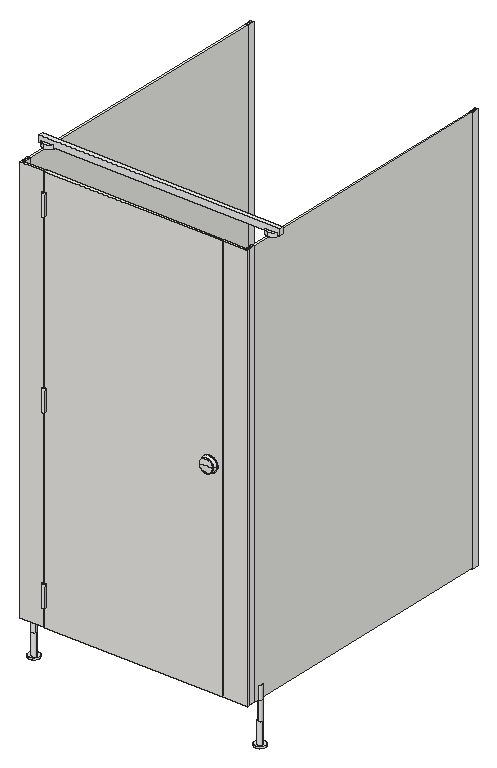
Revit family "Alsanit - Kabiny sanitarne LIFT - HPL", category Doors, Revit 2020
Family settings
  Work Plane-Based = No
  Always vertical = Yes
  Cut with Voids When Loaded = No
  Shared = No
  Room Calculation Point = No
Parameters (values of type "10 mm")
  Średnica podpory górnej = 57.00 mm  # constant formula
  Width = 0.00 mm  # constant formula
  Type Comments = "Kabiny sanitarne (ścianki giszetowe do WC)"
  Thickness = Grubość ścianki  # 10.00 mm
  Szerokość drzwi (max. 1000 mm) [instance] = 800.00 mm
  Stopka nóżki = 50.00 mm  # constant formula
  Rough Width = 0.00 mm  # constant formula
  Rough Height = 0.00 mm  # constant formula
  Prawe odsunięcie [instance] = if(Prawa strona przy ścianie, 0.00 mm, if(Prawa strona połączona, 0.00 mm, 29.00 mm))  # 29.00 mm
  Prawa podpora belki widoczność [instance] = not(Prawa strona przy ścianie)  # yes
  Podcięcie na geberit - prawe [instance] = no
  Podcięcie na geberit - prawa wartość [instance] = if([Podcięcie na geberit - prawe], Szerokość wewnętrzna modułu / 2 + 50.00 mm, 5.00 mm)  # 5.00 mm
  Podcięcie na geberit - odsunięcie poziome wartość [instance] = if([Podcięcie na geberit - odsunięcie poziome] = 0.00 mm, 5.00 mm, [Podcięcie na geberit - odsunięcie poziome])  # 5.00 mm
  Podcięcie na geberit - odsunięcie poziome [instance] = 0.00 mm
  Podcięcie na geberit - odsunięcie pionowe wartość [instance] = if([Podcięcie na geberit - odsunięcie pionowe] = 0.00 mm, 5.00 mm, [Podcięcie na geberit - odsunięcie pionowe])  # 5.00 mm
  Podcięcie na geberit - odsunięcie pionowe [instance] = 0.00 mm
  Podcięcie na geberit - lewe [instance] = no
  Podcięcie na geberit - lewa wartość [instance] = if([Podcięcie na geberit - lewe], Szerokość wewnętrzna modułu / 2 + 50.00 mm, 5.00 mm)  # 5.00 mm
  Nóżka prawa widoczność [instance] = not(Prawa strona przy ścianie)  # yes
  Nóżka lewa widoczność [instance] = Lewa strona zamknięta  # yes
  Lewe odsunięcie [instance] = if(Lewa strona przy ścianie, 0.00 mm, if(Lewa strona połączona, 0.00 mm, 29.00 mm))  # 29.00 mm
  Lewa podpora belki widoczność [instance] = and(not(Lewa strona przy ścianie), not(Lewa strona połączona))  # yes
  Krótki opis = "Kabiny sanitarne ALSANIT posiadające oznaczenie CE zgodnie z parametrami systemu"
  Height = 0.00 mm  # constant formula
  Function = Interior
  Film Instruktażowy = "https://youtu.be/qyrI1CfgFO4"
  Define Thermal Properties by = Schematic Type
  Construction Type = "Kabiny sanitarne"
  Belka lift widoczność [instance] = if(and((Lewa strona przy ścianie), (Prawa strona przy ścianie)), 1 = 0, 1 = 1)  # yes
  Analytic Construction = "<None>"
  Akcesoria - wzmocnienie pionowe prawe [instance] = [Odsunięcie prawej ścianki od osi (min. 70 mm)] > 399.00 mm  # no
  Akcesoria - wzmocnienie pionowe lewe [instance] = (Szerokość wewnętrzna modułu - [Szerokość drzwi (max. 1000 mm)] - [Odsunięcie prawej ścianki od osi (min. 70 mm)]) > 400.00 mm  # no
  Wysokość ścianki łączącej [instance] = Wysokość modułu  # 2030.00 mm
  Szerokość zewnętrzna modułu [instance] = 1026.00 mm
  Szerokość wewnętrzna modułu [instance] = 1000.00 mm
  Szerokość obliczona [instance] = if(and(Lewa strona przy ścianie, Prawa strona przy ścianie), Szerokość wewnętrzna modułu - 2 * (Grubość ścianki + 7.00 mm), if(or(Lewa strona przy ścianie, Prawa strona przy ścianie), Szerokość wewnętrzna modułu - Grubość ścianki - 7.00 mm, Szerokość wewnętrzna modułu))  # 1000.00 mm
  Odsunięcie ścianki lewej [instance] = 0.00 mm  # constant formula
  Wysokość modułu [instance] = 2030.00 mm  # constant formula
  URL = "https://www.alsanit.pl/"
  Rodzaj płyt = "HPL - Wysokociśnieniowy laminat kompaktowy"
  Prawe odsunięcie belki dolnej [instance] = if(Prawa strona przy ścianie, 30.00 mm, 0.00 mm)  # 0.00 mm
  Prawa strona niepołączona [instance] = not(Prawa strona połączona)  # yes
  Model = "SOLARI"
  Manufacturer = "Alsanit"
  Lewe odsunięcie belki dolnej [instance] = if(Lewa strona przy ścianie, 30.00 mm, 0.00 mm)  # 0.00 mm
  Lewa strona niepołączona [instance] = not(Lewa strona połączona)  # yes
  Głębokość modułu (max. 1500 mm) [instance] = 1290.00 mm
  Głębokość modułu [instance] = if([Głębokość modułu (max. 1500 mm)] > 1500.00 mm, 1500.00 mm, [Głębokość modułu (max. 1500 mm)])  # 1290.00 mm
  Description = "Kabiny sanitarne SOLARI to idealna kombinacja trwałości i estetyki w najnowszej cenie. Ze względu na estetyczność zastosowań jest najchętniej kupowanym systemem kabin sanitarnych w Polsce."
  Autor = "www.archispace.pl"
  Orientacja - na zewnątrz [instance] = not([Orientacja - do wewnątrz])  # yes
  Orientacja - do wewnątrz [instance] = no
  Ścianka łącząca [instance] = not(Prawa strona przy ścianie)  # yes
  Szerokość drzwi [instance] = if([Szerokość drzwi (max. 1000 mm)] > 1000.00 mm, 1000.00 mm, [Szerokość drzwi (max. 1000 mm)])  # 800.00 mm
  Prawe odsunięcie osi [instance] = if(Prawa strona zamknięta, Grubość ścianki / 2 + 3.00 mm, if(Prawa strona przy ścianie, Grubość ścianki / 2 + 7.00 mm, 0.00 mm))  # 8.00 mm
  Prawa strona zamknięta typ = Rodzaj połączenia : Zamknięta
  Prawa strona zamknięta [instance] = [Połączenie - prawa strona] = Prawa strona zamknięta typ  # yes
  Prawa strona przy ścianie typ = Rodzaj połączenia : Przy ścianie
  Prawa strona przy ścianie [instance] = [Połączenie - prawa strona] = Prawa strona przy ścianie typ  # no
  Prawa strona połączona typ = Rodzaj połączenia : Połączona
  Prawa strona połączona [instance] = [Połączenie - prawa strona] = Prawa strona połączona typ  # no
  Prawe odsunięcie osi panelu [instance] = if(Prawa strona przy ścianie, 10.00 mm, 0.00 mm)  # 0.00 mm
  Odsunięcie prawej ścianki od osi (min. 70 mm) [instance] = 102.00 mm
  Połączenie - prawa strona [instance] = Rodzaj połączenia : Zamknięta
  Orientacja - odbij lustrzanie [instance] = no
  Materiał płyt = Alsanit - HPL - Biały 9016
  Materiał okuć = Alsanit - Aluminium
  Materiał wsporników = Alsanit - Aluminium
  Materiał belek = Alsanit - Aluminium
  Lewe odsunięcie osi panelu [instance] = if(Lewa strona przy ścianie, 10.00 mm, 0.00 mm)  # 0.00 mm
  Lewe odsunięcie osi [instance] = if(Lewa strona zamknięta, Grubość ścianki / 2 + 3.00 mm, if(Lewa strona przy ścianie, Grubość ścianki / 2 + 7.00 mm, 0.00 mm))  # 8.00 mm
  Lewa strona zamknięta typ = Rodzaj połączenia : Zamknięta
  Lewa strona zamknięta [instance] = [Połączenie - lewa strona] = Lewa strona zamknięta typ  # yes
  Lewa strona przy ścianie typ = Rodzaj połączenia : Przy ścianie
  Lewa strona przy ścianie [instance] = [Połączenie - lewa strona] = Lewa strona przy ścianie typ  # no
  Lewa strona połączona typ = Rodzaj połączenia : Połączona
  Lewa strona połączona [instance] = [Połączenie - lewa strona] = Lewa strona połączona typ  # no
  Odsunięcie lewej ścianki od osi (min. 70 mm) [instance] = 102.00 mm
  Połączenie - lewa strona [instance] = Rodzaj połączenia : Zamknięta
  Grubość ścianki = 10.00 mm
  Default Elevation = 0.00 mm
  Orientacja - bez odbicia [instance] = not([Orientacja - odbij lustrzanie])  # yes
Reference planes
  plane 1 "Center (Front/Back)": y = 0
  plane 2: z = 0
  plane 3 "Center (Left/Right)": x = 0
  plane 4: x = -500
  plane 5: x = 500
  plane 6: x = 505
  plane 7: x = 510
  plane 8: x = -505
  plane 9: x = -510
  plane 10: y = -1290
  plane 11: y = -1300
  plane 12: y = -10
  plane 13: y = -1284
  plane 14: y = -1295
  plane 15 "Lewa oś wstawienia": x = -513
  plane 16 "Prawa oś wstawienia": x = 513
  plane 17: y = -1224.5
  plane 18: x = 403
  plane 19: x = 400
  plane 20: x = -400
  plane 21: x = -403
  plane 22 "Prawe odsunięcie osi panelu": x = 513
  plane 23 "Lewe odsunięcie osi panelu": x = -513
  plane 24: x = 0
  plane 25: x = -423.5
  plane 26: x = 423.5
  plane 27: z = 188
  plane 28 "Wysokość modułu": z = 2030
  plane 29 "Odsunięcie górne ścianek frontowych": z = 2030
  plane 30: y = -1288.5
  plane 31: x = -513
  plane 32: x = 513
  plane 33: z = 100
  plane 34: z = 243.5
  plane 35: z = 2030
  plane 36: z = 188
  plane 37: x = -513
  plane 38: x = 513
  plane 39: z = 188
  plane 40: z = 2030
  plane 41: z = 2030
  plane 42: z = 2030
  plane 43: z = 2030
  plane 44: z = 2030
  plane 45: z = 2030
  plane 46: x = 593
  plane 47: x = -593
  plane 48: z = 2030
  plane 49: z = 2030
  plane 50: z = 2000
  plane 51: z = 2030
  plane 52: x = -5
  plane 53: x = 5
  plane 54: z = 5
  plane 55: y = -5
  plane 56: z = 5
  plane 57: y = -5
  plane 58: z = 5
  plane 59: y = -1145
  plane 60: z = 2045
  plane 61: x = -542
  plane 62: x = 542
Forms (mm)
  Sweep 1, solid, material "Alsanit - HPL - Biały 9016" <- "Materiał płyt", visible <- "Ścianka łącząca"
    path origin (0, 0, 0) x (1, 0, 0) y (0, 0, 1)
      loop
        line (505, 188) -> (505, 2030)
    profile origin (505, 0, 1109) x (-1, 0, 0) y (0, -1, 0)
      loop
        line (5, 10) -> (5, 1284) -> (-5, 1284) -> (-5, 10) -> (5, 10)
  Sweep 2, solid, material "Alsanit - HPL - Biały 9016" <- "Materiał płyt", visible <- "Lewa strona zamknięta"
    path origin (0, 0, 0) x (-1, 0, 0) y (0, 0, 1)
      loop
        line (505, 188) -> (505, 2030)
    profile origin (-505, 0, 1109) x (-1, 0, 0) y (0, -1, 0)
      loop
        line (-5, 10) -> (5, 10) -> (5, 1284) -> (-5, 1284) -> (-5, 10)
  Sweep 3, solid, material "Alsanit - Aluminium" <- "Materiał belek", visible <- "Ścianka łącząca", detail levels medium+fine
    path origin (0, 0, 0) x (1, 0, 0) y (0, 0, 1)
      loop
        line (505, 2030) -> (505, 188)
    profile "U-profile : U-profile" origin (505, 0, 1109) x (1, 0, 0) y (0, -1, 0)
      loop
        line (6.5, 0) -> (6.5, 30) -> (5, 30) -> (5, 1.5) -> (-5, 1.5) -> (-5, 30) -> (-6.5, 30) -> (-6.5, 0) -> (6.5, 0)
  Sweep 4, solid, material "Alsanit - Aluminium" <- "Materiał belek", visible <- "Lewa strona zamknięta", detail levels medium+fine
    path origin (0, 0, 0) x (-1, 0, 0) y (0, 0, 1)
      loop
        line (505, 2030) -> (505, 188)
    profile "U-profile : U-profile" origin (-505, 0, 1109) x (1, 0, 0) y (0, -1, 0)
      loop
        line (6.5, 0) -> (6.5, 30) -> (5, 30) -> (5, 1.5) -> (-5, 1.5) -> (-5, 30) -> (-6.5, 30) -> (-6.5, 0) -> (6.5, 0)
  Sweep 5, solid, material "Alsanit - Aluminium" <- "Materiał belek", visible <- "Lewa strona zamknięta", detail levels medium+fine
    path origin (673.537, -1290, 1200) x (1, 0, 0) y (0, 0, 1)
      loop
        line (-1178.537, 830) -> (-1178.537, -1012)
    profile "U-profile : U-profile" origin (-505, -1290, 1109) x (1, 0, 0) y (0, -1, 0)
      loop
        line (-6.5, 0) -> (-6.5, -30) -> (-5, -30) -> (-5, -1.5) -> (5, -1.5) -> (5, -30) -> (6.5, -30) -> (6.5, 0) -> (-6.5, 0)
  Sweep 6, solid, material "Alsanit - Aluminium" <- "Materiał belek", visible <- "Ścianka łącząca", detail levels medium+fine
    path origin (673.537, -1290, 1200) x (1, 0, 0) y (0, 0, 1)
      loop
        line (-168.537, 830) -> (-168.537, -1012)
    profile "U-profile : U-profile" origin (505, -1290, 1109) x (1, 0, 0) y (0, -1, 0)
      loop
        line (-6.5, 0) -> (-6.5, -30) -> (-5, -30) -> (-5, -1.5) -> (5, -1.5) -> (5, -30) -> (6.5, -30) -> (6.5, 0) -> (-6.5, 0)
  Extrusion 7, solid, material "Alsanit - HPL - Biały 9016" <- "Materiał płyt", detail levels medium+fine
    sketch origin (0, 0, 0) x (1, 0, 0) y (0, 1, 0)
      loop
        line (-513, -1290) -> (-513, -1300) -> (-403, -1300) -> (-403, -1290) -> (-513, -1290)
    from 188 to 2030
  Extrusion 8, solid, material "Alsanit - HPL - Biały 9016" <- "Materiał płyt", detail levels medium+fine
    sketch origin (0, 0, 0) x (-1, 0, 0) y (0, -1, 0)
      loop
        line (-513, 1290) -> (-403, 1290) -> (-403, 1300) -> (-513, 1300) -> (-513, 1290)
    from 188 to 2030
  Sweep 9, solid, material "Alsanit - Aluminium" <- "Materiał belek", visible <- "Lewa strona przy ścianie", detail levels medium+fine
    path origin (-771.956, -1295, 1200) x (-1, 0, 0) y (0, 0, 1)
      loop
        line (-258.956, -1012) -> (-258.956, 830)
    profile "U-profile : U-profile" origin (-513, -1295, 1109) x (1, 0, 0) y (0, 1, 0)
      loop
        line (0, -6.5) -> (30, -6.5) -> (30, -5) -> (1.5, -5) -> (1.5, 5) -> (30, 5) -> (30, 6.5) -> (0, 6.5) -> (0, -6.5)
  Sweep 10, solid, material "Alsanit - Aluminium" <- "Materiał belek", visible <- "Prawa strona przy ścianie", detail levels medium+fine
    path origin (771.956, -1295, 1200) x (1, 0, 0) y (0, 0, -1)
      loop
        line (-258.956, 1012) -> (-258.956, -830)
    profile "U-profile : U-profile" origin (513, -1295, 1109) x (1, 0, 0) y (0, 1, 0)
      loop
        line (0, 6.5) -> (-30, 6.5) -> (-30, 5) -> (-1.5, 5) -> (-1.5, -5) -> (-30, -5) -> (-30, -6.5) -> (0, -6.5) -> (0, 6.5)
  Extrusion 11, solid, material "Alsanit - HPL - Biały 9016" <- "Materiał płyt", detail levels coarse
    sketch origin (0, 0, 0) x (1, 0, 0) y (0, 1, 0)
      loop
        line (-513, -1290) -> (-513, -1300) -> (513, -1300) -> (513, -1290) -> (-513, -1290)
    from 188 to 2030
  Sweep 12, solid, material "Alsanit - Aluminium" <- "Materiał wsporników", visible <- "Nóżka prawa widoczność"
    path origin (516, -1224.5, 1200) x (1, 0, 0) y (0, 0, 1)
      loop
        line (-516, -1200) -> (-516, -1100)
    profile origin (0, -1224.5, 50) x (-1, 0, 0) y (0, -1, 0)
      loop
        circle (-510, 0) r 11
  Sweep 13, solid, material "Alsanit - Aluminium" <- "Materiał wsporników", visible <- "Nóżka lewa widoczność"
    path origin (362, -1224.5, 1200) x (1, 0, 0) y (0, 0, 1)
      loop
        line (-314, -1200) -> (-314, -1100)
    profile origin (48, -1224.5, 50) x (-1, 0, 0) y (0, -1, 0)
      loop
        circle (558, 0) r 11
  Sweep 14, solid, material "Alsanit - Aluminium" <- "Materiał wsporników", visible <- "Nóżka prawa widoczność"
    path origin (516, -1224.5, 1200) x (1, 0, 0) y (0, 0, 1)
      loop
        line (-516, -956.5) -> (-516, -1012)
    profile origin (0, -1224.5, 215.75) x (0, -1, 0) y (1, 0, 0)
      loop
        line (-10, 510) -> (10, 510)
        arc (10, 510) -> (0, 520) -> (-10, 510) r 10
  Sweep 15, solid, material "Alsanit - Aluminium" <- "Materiał wsporników", visible <- "Nóżka lewa widoczność"
    path origin (362, -1224.5, 1200) x (1, 0, 0) y (0, 0, 1)
      loop
        line (-314, -1012) -> (-314, -956.5)
    profile origin (48, -1224.5, 215.75) x (-1, 0, 0) y (0, -1, 0)
      loop
        line (558, 10) -> (558, -10)
        arc (558, -10) -> (568, 0) -> (558, 10) r 10
  Sweep 16, solid, material "Alsanit - Aluminium" <- "Materiał wsporników", visible <- "Nóżka prawa widoczność"
    path origin (516, -1224.5, 1200) x (1, 0, 0) y (0, 0, 1)
      loop
        line (-516, -1012) -> (-516, -1100)
    profile origin (0, -1224.5, 144) x (0, -1, 0) y (1, 0, 0)
      loop
        circle (0, 510) r 10
  Sweep 17, solid, material "Alsanit - Aluminium" <- "Materiał wsporników", visible <- "Nóżka lewa widoczność"
    path origin (362, -1224.5, 1200) x (1, 0, 0) y (0, 0, 1)
      loop
        line (-314, -1100) -> (-314, -1012)
    profile origin (48, -1224.5, 144) x (-1, 0, 0) y (0, -1, 0)
      loop
        circle (558, 0) r 10
  Sweep 18, solid, material "Alsanit - HPL - Biały 9016" <- "Materiał płyt", visible <- "Akcesoria - wzmocnienie pionowe prawe", detail levels medium+fine
    path origin (-771.956, -1295, 1200) x (-1, 0, 0) y (0, 0, 1)
      loop
        line (-1364.956, -1012) -> (-1364.956, 830)
    profile origin (593, -1295, 1109) x (1, 0, 0) y (0, 1, 0)
      loop
        line (-5, 11) -> (5, 11) -> (5, 106) -> (-5, 106) -> (-5, 11)
  Sweep 19, solid, material "Alsanit - Aluminium" <- "Materiał belek", visible <- "Akcesoria - wzmocnienie pionowe prawe", detail levels medium+fine
    path origin (673.537, -1290, 1200) x (1, 0, 0) y (0, 0, 1)
      loop
        line (-80.537, -1012) -> (-80.537, 830)
    profile "U-profile : U-profile" origin (593, -1290, 1109) x (-1, 0, 0) y (0, -1, 0)
      loop
        line (-6.5, 0) -> (-6.5, -30) -> (-5, -30) -> (-5, -1.5) -> (5, -1.5) -> (5, -30) -> (6.5, -30) -> (6.5, 0) -> (-6.5, 0)
  Sweep 20, solid, material "Alsanit - HPL - Biały 9016" <- "Materiał płyt", visible <- "Akcesoria - wzmocnienie pionowe lewe", detail levels medium+fine
    path origin (1162.956, -1295, 1200) x (1, 0, 0) y (0, 0, -1)
      loop
        line (-1755.956, 1012) -> (-1755.956, -830)
    profile origin (-593, -1295, 1109) x (1, 0, 0) y (0, 1, 0)
      loop
        line (5, 11) -> (5, 106) -> (-5, 106) -> (-5, 11) -> (5, 11)
  Sweep 21, solid, material "Alsanit - Aluminium" <- "Materiał belek", visible <- "Akcesoria - wzmocnienie pionowe lewe", detail levels medium+fine
    path origin (673.537, -1290, 1200) x (1, 0, 0) y (0, 0, 1)
      loop
        line (-1266.537, -1012) -> (-1266.537, 830)
    profile "U-profile : U-profile" origin (-593, -1290, 1109) x (-1, 0, 0) y (0, -1, 0)
      loop
        line (6.5, 0) -> (-6.5, 0) -> (-6.5, -30) -> (-5, -30) -> (-5, -1.5) -> (5, -1.5) -> (5, -30) -> (6.5, -30) -> (6.5, 0)
  Sweep 22, solid, material "Alsanit - Aluminium" <- "Materiał belek", not visible
    path origin (0, -160, 0) x (1, 0, 0) y (0, 1, 0)
      loop
        line (-513, -1135) -> (513, -1135)
    profile origin (0, -1295, 0) x (0, 1, 0) y (0, 0, 1)
      loop
        line (-5, 2000) -> (-5, 2010.006) -> (5, 2010.006) -> (5, 2000) -> (14.963, 2000)
        arc (14.963, 2000) -> (16.154, 2000.393) -> (16.876, 2001.416) r 2
        arc (16.876, 2001.416) -> (19.052, 2016.003) -> (16.878, 2030.59) r 50
        arc (16.878, 2030.59) -> (16.156, 2031.614) -> (14.965, 2032.006) r 2
        line (14.965, 2032.006) -> (14.002, 2032.006) -> (14.002, 2030.606) -> (15.303, 2030.606)
        arc (15.303, 2030.606) -> (17.251, 2021.408) -> (17.387, 2012.006) r 48.5
        line (17.387, 2012.006) -> (-14.028, 2012.006) -> (-14.028, 2032.006) -> (-31.863, 2032.006)
        arc (-31.863, 2032.006) -> (-33.054, 2031.614) -> (-33.776, 2030.589) r 2
        arc (-33.776, 2030.589) -> (-35.948, 2016.003) -> (-33.774, 2001.417) r 50.057
        arc (-33.774, 2001.417) -> (-33.052, 2000.393) -> (-31.861, 2000) r 2
        line (-31.861, 2000) -> (-5, 2000)
  Sweep 23, solid, material "Alsanit - Aluminium" <- "Materiał wsporników", visible <- "Akcesoria - wzmocnienie pionowe lewe", detail levels medium+fine
    path origin (281, -1224.5, 1200) x (1, 0, 0) y (0, 0, 1)
      loop
        line (-312, -1200) -> (-312, -1100)
    profile origin (-31, -1224.5, 50) x (-1, 0, 0) y (0, -1, 0)
      loop
        circle (562, 0) r 11
  Sweep 24, solid, material "Alsanit - Aluminium" <- "Materiał wsporników", visible <- "Akcesoria - wzmocnienie pionowe lewe", detail levels medium+fine
    path origin (281, -1224.5, 1200) x (1, 0, 0) y (0, 0, 1)
      loop
        line (-312, -1100) -> (-312, -1012)
    profile origin (-31, -1224.5, 144) x (-1, 0, 0) y (0, -1, 0)
      loop
        circle (562, 0) r 10
  Sweep 25, solid, material "Alsanit - Aluminium" <- "Materiał wsporników", visible <- "Akcesoria - wzmocnienie pionowe prawe", detail levels medium+fine
    path origin (601, -1224.5, 1200) x (1, 0, 0) y (0, 0, 1)
      loop
        line (-518, -1200) -> (-518, -1100)
    profile origin (83, -1224.5, 50) x (-1, 0, 0) y (0, -1, 0)
      loop
        circle (-510, 0) r 11
  Sweep 26, solid, material "Alsanit - Aluminium" <- "Materiał wsporników", visible <- "Akcesoria - wzmocnienie pionowe prawe", detail levels medium+fine
    path origin (601, -1224.5, 1200) x (1, 0, 0) y (0, 0, 1)
      loop
        line (-518, -1012) -> (-518, -1100)
    profile origin (83, -1224.5, 144) x (0, -1, 0) y (1, 0, 0)
      loop
        circle (0, 510) r 10
  Sweep 27, void
    path origin (0, 0, 0) x (1, 0, 0) y (0, 1, 0)
      loop
        line (0, 0) -> (-5, 0)
    profile origin (-2.5, 0, 0) x (0, -1, 0) y (0, 0, 1)
      loop
        line (0, 5) -> (0, 0) -> (5, 0) -> (5, 5) -> (0, 5)
  Sweep 28, void
    path origin (5, 0, 0) x (1, 0, 0) y (0, 1, 0)
      loop
        line (0, 0) -> (-5, 0)
    profile origin (2.5, 0, 0) x (0, -1, 0) y (0, 0, 1)
      loop
        line (0, 5) -> (0, 0) -> (5, 0) -> (5, 5) -> (0, 5)
  Sweep 29, solid, material "Alsanit - Aluminium" <- "Materiał wsporników", visible <- "Akcesoria - wzmocnienie pionowe lewe"
    path origin (-771.956, -1295, 1200) x (-1, 0, 0) y (0, 0, 1)
      loop
        line (-178.956, -1200) -> (-178.956, -1195)
    profile origin (-593, -1295, 2.5) x (1, 0, 0) y (0, 1, 0)
      loop
        circle (0, 70.5) r 25
  Sweep 30, solid, material "Alsanit - Aluminium" <- "Materiał wsporników", visible <- "Nóżka lewa widoczność"
    path origin (-771.956, -1295, 1200) x (-1, 0, 0) y (0, 0, 1)
      loop
        line (-261.956, -1200) -> (-261.956, -1195)
    profile origin (-510, -1295, 2.5) x (1, 0, 0) y (0, 1, 0)
      loop
        circle (0, 70.5) r 25
  Sweep 31, solid, material "Alsanit - Aluminium" <- "Materiał wsporników", visible <- "Nóżka prawa widoczność"
    path origin (-771.956, -1295, 1200) x (-1, 0, 0) y (0, 0, 1)
      loop
        line (-1281.956, -1200) -> (-1281.956, -1195)
    profile origin (510, -1295, 2.5) x (1, 0, 0) y (0, 1, 0)
      loop
        circle (0, 70.5) r 25
  Sweep 32, solid, material "Alsanit - Aluminium" <- "Materiał wsporników", visible <- "Akcesoria - wzmocnienie pionowe prawe"
    path origin (-771.956, -1295, 1200) x (-1, 0, 0) y (0, 0, 1)
      loop
        line (-1364.956, -1200) -> (-1364.956, -1195)
    profile origin (593, -1295, 2.5) x (1, 0, 0) y (0, 1, 0)
      loop
        circle (0, 70.5) r 25
  Sweep 33, solid, material "Alsanit - Aluminium" <- "Materiał okuć", visible <- "Lewa podpora belki widoczność", detail levels medium+fine
    path origin (-423.5, -1117.282, 1200) x (0, 1, 0) y (0, 0, 1)
      loop
        line (-27.718, 830) -> (-27.718, 845)
    profile origin (-423.5, -1145, 2037.5) x (0, -1, 0) y (1, 0, 0)
      loop
        circle (0, -81.5) r 28.5
  Sweep 34, solid, material "Alsanit - Aluminium" <- "Materiał okuć", visible <- "Prawa podpora belki widoczność", detail levels medium+fine
    path origin (-423.5, -1117.282, 1200) x (0, 1, 0) y (0, 0, 1)
      loop
        line (-27.718, 830) -> (-27.718, 845)
    profile origin (-423.5, -1145, 2037.5) x (0, -1, 0) y (1, 0, 0)
      loop
        circle (0, 928.5) r 28.5
  Sweep 35, solid, material "Alsanit - Aluminium" <- "Materiał belek", visible <- "Belka lift widoczność", detail levels medium+fine
    path origin (0, 0, 0) x (1, 0, 0) y (0, 1, 0)
      loop
        line (-542, -1145) -> (542, -1145)
    profile origin (0, -1145, 0) x (0, 1, 0) y (0, 0, 1)
      loop
        line (-9.999, 2035) -> (9.999, 2035) -> (9.999, 2065) -> (-9.999, 2065) -> (-9.999, 2035)
Cuts and joins
  joined: Sweep 14, Sweep 16
  joined: Sweep 15, Sweep 17
  Sweep 27 cuts Sweep 4
  Sweep 27 cuts Sweep 2
  Sweep 28 cuts Sweep 1
  Sweep 28 cuts Sweep 3
Lines and regions (mm)
  model lines, style "Doors", detail levels medium+fine
    curve 1: line (403, -1300, 2030) -> (403, -1300, 188)
    curve 3: line (513, -1300, 2030) -> (403, -1300, 2030)
    curve 6: line (-403, -1300, 188) -> (-403, -1300, 2030)
    curve 7: line (-403, -1300, 2030) -> (-513, -1300, 2030)
    curve 10: line (-403, -1290, 188) -> (-403, -1300, 188)
    curve 11: line (403, -1290, 188) -> (403, -1300, 188)
    curve 14: line (-403, -1290, 2030) -> (-403, -1300, 2030)
    curve 15: line (403, -1290, 2030) -> (403, -1300, 2030)
    curve 17: line (403, -1290, 2030) -> (403, -1290, 188)
    curve 19: line (513, -1290, 2030) -> (403, -1290, 2030)
    curve 20: line (403, -1290, 188) -> (513, -1290, 188)
    curve 22: line (-403, -1290, 188) -> (-403, -1290, 2030)
    curve 23: line (-403, -1290, 2030) -> (-513, -1290, 2030)
    curve 24: line (-513, -1290, 188) -> (-403, -1290, 188)
  model lines, style "Doors", visible <- "Prawa strona niepołączona", detail levels medium+fine
    curve 2: line (513, -1300, 188) -> (513, -1300, 2030)
    curve 12: line (513, -1290, 188) -> (513, -1300, 188)
    curve 16: line (513, -1290, 2030) -> (513, -1300, 2030)
    curve 18: line (513, -1290, 188) -> (513, -1290, 2030)
  model lines, style "Doors"
    curve 4: line (403, -1300, 188) -> (513, -1300, 188)
    curve 8: line (-513, -1300, 188) -> (-403, -1300, 188)
  model lines, style "Doors", visible <- "Lewa strona niepołączona", detail levels medium+fine
    curve 5: line (-513, -1300, 2030) -> (-513, -1300, 188)
    curve 9: line (-513, -1290, 188) -> (-513, -1300, 188)
    curve 13: line (-513, -1290, 2030) -> (-513, -1300, 2030)
    curve 21: line (-513, -1290, 2030) -> (-513, -1290, 188)
Dimensions and locks
  equal spacing: plane 5, plane 6, plane 7
  "Grubość ścianki": plane 5 to plane 7
  equal spacing: plane 9, plane 8, plane 4
  "Grubość ścianki": plane 9 to plane 4
  "Głębokość modułu": plane 10 to plane 1 "Center (Front/Back)"
  "Grubość ścianki": plane 11 to plane 10
  locked: plane 12 to plane 1 "Center (Front/Back)" at 10
  locked: plane 10 to plane 13 at 6
  equal spacing: plane 10, plane 14, plane 11
  equal spacing: plane 4, plane 3 "Center (Left/Right)", plane 5
  "Szerokość obliczona": plane 4 to plane 5
  "Lewe odsunięcie osi": plane 15 "Lewa oś wstawienia" to plane 8
  "Prawe odsunięcie osi": plane 6 to plane 16 "Prawa oś wstawienia"
  locked: plane 10 to plane 17 at 65.5
  locked: plane 19 to plane 18 at 3
  locked: plane 21 to plane 20 at 3
  "Szerokość drzwi": plane 20 to plane 19
  equal spacing: plane 20, plane 24, plane 19
  locked: plane 25 to plane 20 at 23.5
  locked: plane 19 to plane 26 at 23.5
  "Odsunięcie prawej ścianki od osi (min. 70 mm)": plane 18 to plane 6
  "Odsunięcie lewej ścianki od osi (min. 70 mm)": plane 8 to plane 21
  "Wysokość modułu": plane 28 "Wysokość modułu" to plane 2
  locked: plane 10 to plane 30 at 1.5
  locked: plane 27 to level at 188
  locked: plane 33 to plane 2 at 100
  locked: plane 15 "Lewa oś wstawienia" to plane 31
  locked: plane 32 to plane 16 "Prawa oś wstawienia"
  locked: plane 34 to plane 27 at 55.5
  locked: plane 28 "Wysokość modułu" to plane 35
  "Lewe odsunięcie osi panelu": plane 15 "Lewa oś wstawienia" to plane 23 "Lewe odsunięcie osi panelu"
  "Prawe odsunięcie osi panelu": plane 22 "Prawe odsunięcie osi panelu" to plane 16 "Prawa oś wstawienia"
  locked: plane 36 to plane 27
  "Lewe odsunięcie belki dolnej": plane 15 "Lewa oś wstawienia" to plane 37
  "Prawe odsunięcie belki dolnej": plane 38 to plane 16 "Prawa oś wstawienia"
  locked: plane 39 to plane 2 at 188
  "Wysokość ścianki łączącej": plane 40 to level
  locked: plane 28 "Wysokość modułu" to plane 41
  "Odsunięcie ścianki lewej": plane 28 "Wysokość modułu" to plane 42
  locked: plane 28 "Wysokość modułu" to plane 29 "Odsunięcie górne ścianek frontowych"
  locked: plane 40 to plane 43
  locked: plane 40 to plane 44
  locked: plane 28 "Wysokość modułu" to plane 45
  "Szerokość zewnętrzna modułu": plane 15 "Lewa oś wstawienia" to plane 16 "Prawa oś wstawienia"
  locked: plane 18 to plane 46 at 190
  locked: plane 47 to plane 21 at 190
  locked: plane 48 to plane 2 at 2030
  locked: plane 49 to level at 2030
  locked: plane 50 to level at 2000
  locked: plane 51 to level at 2030
  "Podcięcie na geberit - lewa wartość": plane 52 to plane 3 "Center (Left/Right)"
  "Podcięcie na geberit - prawa wartość": plane 3 "Center (Left/Right)" to plane 53
  "Podcięcie na geberit - odsunięcie poziome wartość": plane 1 "Center (Front/Back)" to plane 55
  "Podcięcie na geberit - odsunięcie pionowe wartość": plane 54 to level
  "Podcięcie na geberit - odsunięcie pionowe wartość": plane 56 to level
  "Podcięcie na geberit - odsunięcie poziome wartość": plane 1 "Center (Front/Back)" to plane 57
  locked: plane 58 to level at 5
  equal spacing: Sweep 29 sketch curve, plane 47, Sweep 29 sketch curve
  equal spacing: Sweep 29 sketch curve, plane 17, Sweep 29 sketch curve
  equal spacing: Sweep 30 sketch curve, plane 9, Sweep 30 sketch curve
  equal spacing: Sweep 30 sketch curve, plane 17, Sweep 30 sketch curve
  equal spacing: Sweep 31 sketch curve, plane 17, Sweep 31 sketch curve
  equal spacing: Sweep 31 sketch curve, plane 7, Sweep 31 sketch curve
  equal spacing: Sweep 32 sketch curve, plane 17, Sweep 32 sketch curve
  equal spacing: Sweep 32 sketch curve, plane 46, Sweep 32 sketch curve
  locked: plane 59 to plane 14 at 150
  locked: plane 60 to plane 29 "Odsunięcie górne ścianek frontowych" at 15
  equal spacing: Sweep 33 sketch curve, plane 8, Sweep 33 sketch curve
  equal spacing: Sweep 33 sketch curve, plane 59, Sweep 33 sketch curve
  equal spacing: Sweep 34 sketch curve, plane 59, Sweep 34 sketch curve
  equal spacing: Sweep 34 sketch curve, plane 6, Sweep 34 sketch curve
  locked: Sweep 35 sketch curve to Sweep 35 sketch curve at 30
  equal spacing: Sweep 35 sketch curve, plane 59, Sweep 35 sketch curve
  locked: Sweep 35 sketch curve to Sweep 35 sketch curve at 19.998
  locked: Sweep 35 sketch curve to plane 29 "Odsunięcie górne ścianek frontowych" at 5
  "Lewe odsunięcie": plane 61 to plane 15 "Lewa oś wstawienia"
  "Prawe odsunięcie": plane 16 "Prawa oś wstawienia" to plane 62
  "Stopka nóżki": diameter of Sweep 29 sketch curve
  "Stopka nóżki": diameter of Sweep 30 sketch curve
  "Stopka nóżki": diameter of Sweep 31 sketch curve
  "Stopka nóżki": diameter of Sweep 32 sketch curve
  "Średnica podpory górnej": diameter of Sweep 33 sketch curve
  "Średnica podpory górnej": diameter of Sweep 34 sketch curve
  aligned and locked: level to plane 2
  aligned and locked: plane 5 to Sweep 1 sketch curve
  aligned and locked: Sweep 1 sketch curve to plane 7
  aligned and locked: Sweep 1 sketch curve to plane 13
  aligned and locked: plane 12 to Sweep 1 sketch curve
  aligned and locked: Sweep 2 sketch curve to plane 12
  aligned and locked: plane 9 to Sweep 2 sketch curve
  aligned and locked: plane 4 to Sweep 2 sketch curve
  aligned and locked: plane 13 to Sweep 2 sketch curve
  aligned and locked: plane 6 to Sweep 3 sketch curve
  aligned and locked: Sweep 4 sketch curve to plane 8
  aligned and locked: Sweep 1 sketch curve to plane 6
  aligned and locked: plane 8 to Sweep 2 sketch curve
  aligned and locked: Extrusion 7 sketch curve to plane 21
  aligned and locked: plane 11 to Extrusion 7 sketch curve
  aligned and locked: plane 10 to Extrusion 7 sketch curve
  aligned and locked: Extrusion 7 sketch curve to plane 23 "Lewe odsunięcie osi panelu"
  aligned and locked: Extrusion 8 sketch curve to plane 18
  aligned and locked: Extrusion 8 sketch curve to plane 11
  aligned and locked: Extrusion 8 sketch curve to plane 10
  aligned and locked: plane 22 "Prawe odsunięcie osi panelu" to Extrusion 8 sketch curve
  aligned and locked: plane 10 to nested 1
  aligned and locked: nested 2 to nested 1
  aligned and locked: nested 2 to plane 10
  aligned and locked: nested 1 to plane 24
  aligned and locked: nested 2 to level
  aligned and locked: level to nested 1
  aligned and locked: plane 10 to Extrusion 11 sketch curve
  aligned and locked: plane 11 to Extrusion 11 sketch curve
  aligned and locked: plane 15 "Lewa oś wstawienia" to Extrusion 11 sketch curve
  aligned and locked: Extrusion 11 sketch curve to plane 16 "Prawa oś wstawienia"
  aligned and locked: Extrusion 7 to plane 27
  aligned and locked: Extrusion 8 to plane 27
  aligned and locked: curve 1 to plane 18
  aligned and locked: plane 18 to curve 4
  aligned and locked: curve 4 to plane 27
  aligned and locked: plane 27 to curve 2
  aligned and locked: plane 22 "Prawe odsunięcie osi panelu" to curve 2
  aligned and locked: plane 22 "Prawe odsunięcie osi panelu" to curve 3
  aligned and locked: curve 8 to plane 27
  aligned and locked: plane 23 "Lewe odsunięcie osi panelu" to curve 5
  aligned and locked: plane 21 to curve 6
  aligned and locked: plane 11 to curve 9
  aligned and locked: plane 10 to curve 9
  aligned and locked: curve 10 to plane 21
  aligned and locked: plane 11 to curve 10
  aligned and locked: plane 10 to curve 10
  aligned and locked: curve 11 to plane 18
  aligned and locked: plane 10 to curve 11
  aligned and locked: plane 11 to curve 11
  aligned and locked: plane 10 to curve 12
  aligned and locked: plane 11 to curve 12
  aligned and locked: curve 12 to plane 22 "Prawe odsunięcie osi panelu"
  aligned and locked: plane 10 to curve 13
  aligned and locked: plane 11 to curve 13
  aligned and locked: plane 11 to curve 14
  aligned and locked: plane 10 to curve 14
  aligned and locked: curve 14 to plane 21
  aligned and locked: plane 11 to curve 15
  aligned and locked: plane 10 to curve 15
  aligned and locked: curve 15 to plane 18
  aligned and locked: plane 10 to curve 16
  aligned and locked: plane 11 to curve 16
  aligned and locked: curve 16 to plane 22 "Prawe odsunięcie osi panelu"
  aligned and locked: plane 23 "Lewe odsunięcie osi panelu" to curve 13
  aligned and locked: plane 23 "Lewe odsunięcie osi panelu" to curve 9
  aligned and locked: Extrusion 11 to plane 28 "Wysokość modułu"
  aligned and locked: plane 16 "Prawa oś wstawienia" to Sweep 10 sketch curve
  aligned and locked: plane 15 "Lewa oś wstawienia" to Sweep 9 sketch curve
  aligned and locked: plane 6 to Sweep 6 sketch curve
  aligned and locked: Extrusion 7 to plane 29 "Odsunięcie górne ścianek frontowych"
  aligned and locked: Extrusion 8 to plane 29 "Odsunięcie górne ścianek frontowych"
  aligned and locked: curve 23 to plane 29 "Odsunięcie górne ścianek frontowych"
  aligned and locked: curve 7 to plane 29 "Odsunięcie górne ścianek frontowych"
  aligned and locked: curve 3 to plane 29 "Odsunięcie górne ścianek frontowych"
  aligned and locked: curve 19 to plane 29 "Odsunięcie górne ścianek frontowych"
  aligned and locked: plane 27 to Sweep 1 sketch curve
  aligned and locked: plane 27 to Sweep 2 sketch curve
  aligned and locked: Extrusion 11 to plane 27
  aligned and locked: plane 23 "Lewe odsunięcie osi panelu" to curve 21
  aligned and locked: plane 22 "Prawe odsunięcie osi panelu" to curve 18
  aligned and locked: plane 9 to Sweep 13 sketch curve
  aligned and locked: plane 9 to Sweep 17 sketch curve
  aligned and locked: plane 9 to Sweep 15 sketch curve
  aligned and locked: plane 7 to Sweep 14 sketch curve
  aligned and locked: plane 7 to Sweep 16 sketch curve
  aligned and locked: plane 7 to Sweep 12 sketch curve
  aligned and locked: Sweep 5 sketch curve to plane 35
  aligned and locked: Sweep 4 sketch curve to plane 35
  aligned and locked: plane 36 to Sweep 5 sketch curve
  aligned and locked: plane 36 to Sweep 4 sketch curve
  aligned and locked: plane 36 to Sweep 3 sketch curve
  aligned and locked: plane 36 to Sweep 6 sketch curve
  aligned and locked: plane 39 to Sweep 9 sketch curve
  aligned and locked: Sweep 10 sketch curve to plane 39
  aligned and locked: plane 40 to Sweep 1 sketch curve
  aligned and locked: plane 41 to Sweep 9 sketch curve
  aligned and locked: plane 42 to Sweep 2 sketch curve
  aligned and locked: plane 43 to Sweep 6 sketch curve
  aligned and locked: plane 44 to Sweep 3 sketch curve
  aligned and locked: plane 45 to Sweep 10 sketch curve
  aligned and locked: Sweep 18 sketch curve to plane 46
  aligned and locked: plane 47 to Sweep 20 sketch curve
  aligned and locked: plane 47 to Sweep 21 sketch curve
  aligned and locked: plane 16 "Prawa oś wstawienia" to Sweep 22 sketch curve
  aligned and locked: plane 15 "Lewa oś wstawienia" to Sweep 22 sketch curve
  aligned and locked: Sweep 22 sketch curve to plane 14
  aligned and locked: plane 48 to Sweep 21 sketch curve
  aligned and locked: plane 49 to Sweep 20 sketch curve
  aligned and locked: plane 51 to Sweep 18 sketch curve
  aligned and locked: plane 47 to Sweep 23 sketch curve
  aligned and locked: plane 17 to Sweep 23 sketch curve
  aligned and locked: plane 17 to Sweep 24 sketch curve
  aligned and locked: plane 47 to Sweep 24 sketch curve
  aligned and locked: plane 17 to Sweep 25 sketch curve
  aligned and locked: plane 46 to Sweep 25 sketch curve
  aligned and locked: plane 46 to Sweep 26 sketch curve
  aligned and locked: plane 17 to Sweep 26 sketch curve
  aligned and locked: plane 52 to Sweep 27 sketch curve
  aligned and locked: plane 3 "Center (Left/Right)" to Sweep 27 sketch curve
  aligned and locked: Sweep 27 sketch curve to plane 1 "Center (Front/Back)"
  aligned and locked: Sweep 27 sketch curve to plane 54
  aligned and locked: Sweep 27 sketch curve to plane 55
  aligned and locked: level to Sweep 27 sketch curve
  aligned and locked: plane 1 "Center (Front/Back)" to Sweep 27 sketch curve
  aligned and locked: Sweep 28 sketch curve to plane 56
  aligned and locked: Sweep 28 sketch curve to plane 57
  aligned and locked: plane 3 "Center (Left/Right)" to Sweep 28 sketch curve
  aligned and locked: plane 53 to Sweep 28 sketch curve
  aligned and locked: Sweep 28 sketch curve to plane 1 "Center (Front/Back)"
  aligned and locked: plane 1 "Center (Front/Back)" to Sweep 28 sketch curve
  aligned and locked: level to Sweep 28 sketch curve
  aligned and locked: plane 58 to Sweep 29 sketch curve
  aligned and locked: level to Sweep 29 sketch curve
  aligned and locked: plane 47 to Sweep 29 sketch curve
  aligned and locked: level to Sweep 30 sketch curve
  aligned and locked: plane 58 to Sweep 30 sketch curve
  aligned and locked: Sweep 30 sketch curve to plane 9
  aligned and locked: plane 7 to Sweep 31 sketch curve
  aligned and locked: plane 58 to Sweep 31 sketch curve
  aligned and locked: level to Sweep 31 sketch curve
  aligned and locked: plane 58 to Sweep 32 sketch curve
  aligned and locked: level to Sweep 32 sketch curve
  aligned and locked: Sweep 32 sketch curve to plane 46
  aligned and locked: plane 60 to Sweep 33 sketch curve
  aligned and locked: plane 29 "Odsunięcie górne ścianek frontowych" to Sweep 33 sketch curve
  aligned and locked: plane 29 "Odsunięcie górne ścianek frontowych" to Sweep 34 sketch curve
  aligned and locked: plane 60 to Sweep 34 sketch curve
  aligned and locked: plane 59 to Sweep 34 sketch curve
  aligned and locked: Sweep 35 sketch curve to plane 59
  aligned and locked: plane 62 to Sweep 35 sketch curve
  aligned and locked: plane 61 to Sweep 35 sketch curve
Automatic sketch dimensions
  curve 22 to plane 21 = 0.00 mm
  curve 20 to plane 18 = 0.00 mm
  curve 24 to plane 27 = 0.00 mm
  curve 17 to plane 27 = 0.00 mm
  Sweep 5 sketch curve to plane 8 = 0.00 mm
  Sweep 12 sketch curve to plane 3 "Center (Left/Right)" = 0.00 mm
  Sweep 12 sketch curve to level = 0.00 mm
  Sweep 12 sketch curve to plane 33 = 0.00 mm
  plane 17 to Sweep 12 sketch curve = 0.00 mm
  Sweep 13 sketch curve to plane 33 = 0.00 mm
  Sweep 13 sketch curve to level = 0.00 mm
  plane 53 to Sweep 13 sketch curve = 43.00 mm
  plane 17 to Sweep 13 sketch curve = 0.00 mm
  Sweep 14 sketch curve to plane 3 "Center (Left/Right)" = 0.00 mm
  Sweep 14 sketch curve to plane 27 = 0.00 mm
  Sweep 14 sketch curve to plane 34 = 0.00 mm
  plane 17 to Sweep 14 sketch curve = 0.00 mm
  Sweep 14 sketch curve to Sweep 14 sketch curve = 10.00 mm
  Sweep 15 sketch curve to plane 34 = 0.00 mm
  Sweep 15 sketch curve to plane 27 = 0.00 mm
  plane 53 to Sweep 15 sketch curve = 43.00 mm
  plane 17 to Sweep 15 sketch curve = 0.00 mm
  Sweep 15 sketch curve to plane 17 = 10.00 mm
  Sweep 16 sketch curve to plane 3 "Center (Left/Right)" = 0.00 mm
  Sweep 16 sketch curve to plane 33 = 0.00 mm
  Sweep 16 sketch curve to plane 27 = 0.00 mm
  plane 17 to Sweep 16 sketch curve = 0.00 mm
  Sweep 17 sketch curve to plane 27 = 0.00 mm
  Sweep 17 sketch curve to plane 33 = 0.00 mm
  plane 53 to Sweep 17 sketch curve = 43.00 mm
  plane 17 to Sweep 17 sketch curve = 0.00 mm
  Sweep 18 sketch curve to plane 27 = 0.00 mm
  profile plane to Sweep 18 sketch curve = 5.00 mm
  Sweep 18 sketch curve to profile plane = 5.00 mm
  plane 14 to Sweep 18 sketch curve = 11.00 mm
  Sweep 18 sketch curve to Sweep 18 sketch curve = 95.00 mm
  Sweep 19 sketch curve to plane 35 = 0.00 mm
  plane 46 to Sweep 19 sketch curve = 0.00 mm
  Sweep 19 sketch curve to plane 27 = 0.00 mm
  Sweep 20 sketch curve to plane 27 = 0.00 mm
  profile plane to Sweep 20 sketch curve = 5.00 mm
  Sweep 20 sketch curve to profile plane = 5.00 mm
  plane 14 to Sweep 20 sketch curve = 11.00 mm
  Sweep 20 sketch curve to Sweep 20 sketch curve = 95.00 mm
  Sweep 21 sketch curve to plane 27 = 0.00 mm
  Sweep 22 sketch curve to Sweep 22 sketch curve = 0.00 mm  (x5)
  profile plane to Sweep 22 sketch curve = 31.863 mm
  Sweep 22 sketch curve to Sweep 22 sketch curve = 0.002 mm
  Sweep 22 sketch curve to Sweep 22 sketch curve = 0.916 mm
  profile plane to Sweep 22 sketch curve = 14.028 mm
  profile plane to Sweep 22 sketch curve = 5.00 mm
  Sweep 22 sketch curve to profile plane = 5.00 mm
  Sweep 22 sketch curve to profile plane = 14.002 mm
  Sweep 22 sketch curve to Sweep 22 sketch curve = 9.11 mm
  Sweep 22 sketch curve to Sweep 22 sketch curve = 9.963 mm
  Sweep 22 sketch curve to Sweep 22 sketch curve = 0.963 mm
  Sweep 22 sketch curve to Sweep 22 sketch curve = 0.337 mm
  Sweep 22 sketch curve to Sweep 22 sketch curve = 3.278 mm
  plane 2 to Sweep 22 sketch curve = 2000.00 mm
  Sweep 22 sketch curve to Sweep 22 sketch curve = 2.00 mm  (x3)
  Sweep 22 sketch curve to Sweep 22 sketch curve = 10.006 mm  (x2)
  Sweep 22 sketch curve to Sweep 22 sketch curve = 14.006 mm
  Sweep 22 sketch curve to Sweep 22 sketch curve = 4.00 mm
  Sweep 22 sketch curve to Sweep 22 sketch curve = 14.00 mm
  Sweep 22 sketch curve to Sweep 22 sketch curve = 0.60 mm
  Sweep 22 sketch curve to Sweep 22 sketch curve = 1.40 mm
  Sweep 23 sketch curve to plane 33 = 0.00 mm
  Sweep 23 sketch curve to level = 0.00 mm
  Sweep 23 sketch curve to plane 52 = 26.00 mm
  Sweep 24 sketch curve to plane 27 = 0.00 mm
  Sweep 24 sketch curve to plane 33 = 0.00 mm
  Sweep 24 sketch curve to plane 52 = 26.00 mm
  Sweep 25 sketch curve to plane 33 = 0.00 mm
  Sweep 25 sketch curve to level = 0.00 mm
  plane 53 to Sweep 25 sketch curve = 78.00 mm
  Sweep 26 sketch curve to plane 33 = 0.00 mm
  Sweep 26 sketch curve to plane 27 = 0.00 mm
  plane 53 to Sweep 26 sketch curve = 78.00 mm
  Sweep 33 sketch curve to plane 59 = 0.00 mm
  radius of Sweep 12 sketch curve = 11.00 mm
  radius of Sweep 13 sketch curve = 11.00 mm
  radius of Sweep 16 sketch curve = 10.00 mm
  radius of Sweep 17 sketch curve = 10.00 mm
  radius of Sweep 23 sketch curve = 11.00 mm
  radius of Sweep 24 sketch curve = 10.00 mm
  radius of Sweep 25 sketch curve = 11.00 mm
  radius of Sweep 26 sketch curve = 10.00 mm
Nested families
  nested 1: "front" at (0, -1290, 0), visible <- "Orientacja - bez odbicia", Szerokość drzwi <- "Szerokość drzwi", Grubość ścianki <- "Grubość ścianki", type "front", detail levels medium+fine
    with Wysokość dolnej szczeliny 188.00 mm, Szerokość drzwi 800.00 mm, Grubość ścianki 10.00 mm
  nested 2: "front" at (0, -1290, 0) x (-1, 0, 0) z (0, 0, 1), visible <- "Orientacja - odbij lustrzanie", Szerokość drzwi <- "Szerokość drzwi", Grubość ścianki <- "Grubość ścianki", type "front", detail levels medium+fine
    with Wysokość dolnej szczeliny 188.00 mm, Szerokość drzwi 800.00 mm, Grubość ścianki 10.00 mm
Definition of nested family "front"
  Parameters (values of type "front")
    Wysokość drzwi = 2030.00 mm
    Wysokość dolnej szczeliny [instance] = 188.00 mm
    Szerokość drzwi [instance] = 900.00 mm
    Materiał płyt = none
    Materiał okuć = none
    Grubość ścianki [instance] = 12.00 mm
    Drzwi zewnętrzne = yes
    Drzwi wewnętrzne = no
    Default Elevation = 0.00 mm
  Reference planes
    plane 1 "Center (Front/Back)": y = 0
    plane 2: z = 0
    plane 3 "Center (Left/Right)": x = 0
    plane 4: y = -12
    plane 5: z = 188
    plane 6: z = 2030
    plane 7: x = 450
    plane 8: x = -450
    plane 9: x = 393
    plane 10: y = -19
    plane 11: z = 1110
    plane 12: y = 14
    plane 13: y = 9
    plane 14: z = 1110
    plane 15: x = 469.5
    plane 16: z = 1946.75
    plane 17: z = 1853.25
    plane 18: y = -912
    plane 19: y = 900
    plane 20: y = 36
    plane 21: y = 44
  Forms (mm)
    Sweep 1, solid, material <- "Materiał płyt"
      path origin (500, 0, 0) x (-1, 0, 0) y (0, 0, 1)
        loop
          line (500, 188) -> (500, 2030)
      profile origin (0, 0, 1109) x (-1, 0, 0) y (0, -1, 0)
        loop
          line (-450, 0) -> (450, 0) -> (450, 12) -> (-450, 12) -> (-450, 0)
    Revolve 2, solid, material <- "Materiał okuć", detail levels fine
      sketch origin (0, -10, 1110) x (1, 0, 0) y (0, 1, 0)
        loop
          line (393, -2) -> (393, -24)
          arc (393, -24) -> (407.797, -23.691) -> (422.509, -22.076) r 167.483
          arc (422.509, -22.076) -> (422.86, -21.881) -> (423, -21.504) r 0.58
          line (423, -21.504) -> (423, -20.71)
          arc (423, -20.71) -> (422.903, -20.141) -> (422.623, -19.637) r 1.715
          arc (422.623, -19.637) -> (420.961, -10.579) -> (427.619, -4.216) r 9.697
          arc (427.619, -4.216) -> (427.898, -3.922) -> (428, -3.53) r 0.81
          line (428, -3.53) -> (428, -2) -> (393, -2)
        axis (393, -2) -> (393, -24)
      angle from 0 to 360
    Revolve 3, solid, material <- "Materiał okuć", visible <- "Drzwi zewnętrzne", detail levels fine
      sketch origin (-489.895, -19, 1200) x (-1, 0, 0) y (0, 0, 1)
        loop
          line (-32.895, -43.25) -> (-39.895, -43.25) -> (-39.895, -136.75) -> (-32.895, -136.75) -> (-32.895, -43.25)
        loop
          line (-32.895, -833.25) -> (-39.895, -833.25) -> (-39.895, -926.75) -> (-32.895, -926.75) -> (-32.895, -833.25)
        loop
          line (-32.895, 746.75) -> (-39.895, 746.75) -> (-39.895, 653.25) -> (-32.895, 653.25) -> (-32.895, 746.75)
        axis (-39.895, 746.75) -> (-39.895, -926.75)
      angle from 0 to 360
    Revolve 4, solid, material <- "Materiał okuć", detail levels fine
      sketch origin (0, 0, 1110) x (1, 0, 0) y (0, 1, 0)
        loop
          line (393, 0) -> (427.5, 0)
          arc (427.5, 0) -> (427.854, 0.146) -> (428, 0.5) r 0.5
          line (428, 0.5) -> (428, 1.573)
          arc (428, 1.573) -> (427.926, 1.96) -> (427.715, 2.292) r 1.052
          arc (427.715, 2.292) -> (425.25, 6.533) -> (424.895, 11.425) r 10.896
          arc (424.895, 11.425) -> (424.781, 11.826) -> (424.402, 12) r 0.499
          line (424.402, 12) -> (393, 12) -> (393, 0)
        axis (393, 12) -> (393, 0)
      angle from 0 to 360
    Sweep 5, solid, material <- "Materiał okuć", detail levels fine
      path origin (366, -1524, 1110) x (-1, 0, 0) y (0, -1, 0)
        loop
          line (-84, -1533) -> (-84, -1538)
      profile origin (450, 11.5, 1110) x (-1, 0, 0) y (0, 0, 1)
        loop
          line (48.128, 23.373) -> (-4.314, 8.829)
          arc (-4.314, 8.829) -> (-11.028, 0) -> (-4.314, -8.829) r 9.162
          line (-4.314, -8.829) -> (48.128, -23.373)
          arc (48.128, -23.373) -> (82, 0) -> (48.128, 23.373) r 25
    Extrusion 6, solid, material <- "Materiał okuć", detail levels fine
      sketch origin (0, 0, 0) x (1, 0, 0) y (0, 0, 1)
        loop
          line (-9.496, 1782.645) -> (-9.496, 1777.392) -> (9.496, 1777.392) -> (9.496, 1782.645)
          arc (9.496, 1782.645) -> (4.682, 1788.517) -> (5.976, 1795.998) r 9.126
          arc (5.976, 1795.998) -> (0, 1807.33) -> (-5.976, 1795.998) r 7.241
          arc (-5.976, 1795.998) -> (-4.682, 1788.517) -> (-9.496, 1782.645) r 9.126
      from -9 to 0
    Extrusion 7, solid, material <- "Materiał okuć", detail levels fine
      sketch origin (42.235, -68.236, -0.053) x (-0.601815, 0.798636, 0) y (0, 0, -1)
        loop
          arc (104.856, -1789.865) -> (110.41, -1793.768) -> (114.787, -1788.58) r 5.027
          arc (114.787, -1788.58) -> (112.823, -1783.23) -> (108.108, -1780.03) r 9.3
          arc (108.108, -1780.03) -> (100.618, -1778.3) -> (92.979, -1777.445) r 66.588
          line (92.979, -1777.445) -> (85.678, -1777.445) -> (85.678, -1782.715)
          arc (85.678, -1782.715) -> (92.474, -1781.484) -> (99.218, -1782.976) r 17.523
          arc (99.218, -1782.976) -> (102.86, -1785.747) -> (104.856, -1789.865) r 9.85
      from 0 to -7.113
    Extrusion 8, solid, material <- "Materiał okuć", detail levels fine
      sketch origin (-42.235, -68.236, -0.053) x (0.601815, 0.798636, 0) y (0, 0, 1)
        loop
          arc (104.856, 1789.865) -> (102.86, 1785.747) -> (99.218, 1782.976) r 9.85
          arc (99.218, 1782.976) -> (92.474, 1781.484) -> (85.678, 1782.715) r 17.523
          line (85.678, 1782.715) -> (85.678, 1777.445) -> (92.979, 1777.445)
          arc (92.979, 1777.445) -> (100.618, 1778.3) -> (108.108, 1780.03) r 66.588
          arc (108.108, 1780.03) -> (112.823, 1783.23) -> (114.787, 1788.58) r 9.3
          arc (114.787, 1788.58) -> (110.41, 1793.768) -> (104.856, 1789.865) r 5.027
      from 0 to -7.113
    Revolve 9, solid, material <- "Materiał okuć", visible <- "Drzwi wewnętrzne", detail levels fine
      sketch origin (-489.895, 7, 1200) x (-1, 0, 0) y (0, 0, -1)
        loop
          line (-32.895, 43.25) -> (-32.895, 136.75) -> (-39.895, 136.75) -> (-39.895, 43.25) -> (-32.895, 43.25)
        loop
          line (-32.895, 833.25) -> (-32.895, 926.75) -> (-39.895, 926.75) -> (-39.895, 833.25) -> (-32.895, 833.25)
        loop
          line (-32.895, -746.75) -> (-32.895, -653.25) -> (-39.895, -653.25) -> (-39.895, -746.75) -> (-32.895, -746.75)
        axis (-39.895, -746.75) -> (-39.895, 926.75)
      angle from 0 to 360
    Revolve 10, solid, material <- "Materiał okuć", detail levels fine
      sketch origin (0, 0, 1110) x (1, 0, 0) y (0, 1, 0)
        loop
          line (461.5, 0) -> (469.5, 0) -> (469.5, 20) -> (448.5, 20) -> (448.5, 15) -> (463.5, 15) -> (463.5, 9) -> (461.5, 9) -> (461.5, 0)
        axis (469.5, 0) -> (469.5, 20)
      angle from 0 to 360
    Sweep 11, solid, material <- "Materiał okuć", detail levels fine
      path origin (0, 0, 0) x (1, 0, 0) y (0, 1, 0)
        loop
          line (393, 14) -> (393, 44)
      profile origin (393, 29, 0) x (-1, 0, 0) y (0, 0, 1)
        loop
          arc (-51.405, 1103.884) -> (-15, 1099) -> (21.405, 1103.884) r 138.125
          arc (21.405, 1103.884) -> (25, 1110) -> (21.405, 1116.116) r 7
          arc (21.405, 1116.116) -> (-15, 1121) -> (-51.405, 1116.116) r 138.125
          arc (-51.405, 1116.116) -> (-55, 1110) -> (-51.405, 1103.884) r 7
    Sweep 12, void
      path in 3D
        loop
          arc (371.595, 44, 1116.116) -> (368, 44, 1110) -> (371.595, 44, 1103.884) r 7
          arc (371.595, 44, 1103.884) -> (408, 44, 1099) -> (444.405, 44, 1103.884) r 138.125
          arc (444.405, 44, 1103.884) -> (448, 44, 1110) -> (444.405, 44, 1116.116) r 7
          arc (444.405, 44, 1116.116) -> (408, 44, 1121) -> (371.595, 44, 1116.116) r 138.125
      profile origin (408, 44, 1121) x (0, 0, 1) y (0, 1, 0)
        loop
          line (0, -8) -> (0, 0) -> (-4, 0)
          arc (-4, 0) -> (-1.056, -3.528) -> (0, -8) r 10
  Cuts and joins
    Sweep 12 cuts Sweep 11
    joined: Revolve 4, Sweep 5, Sweep 11
    joined: Extrusion 6, Extrusion 7, Extrusion 8
  Lines and regions (mm)
    symbolic lines, visible <- "Drzwi zewnętrzne"
      curve 1: line (-450, -12, 0) -> (-450, -912, 0)
      curve 2: line (-450, -12, 0) -> (450, -12, 0)
      curve 3: arc (-450, -912, 0) -> (186.396, -648.396, 0) -> (450, -12, 0) r 900
    symbolic lines, visible <- "Drzwi wewnętrzne"
      curve 4: line (-450, 0, 0) -> (-450, 900, 0)
      curve 5: line (-450, 0, 0) -> (450, 0, 0)
      curve 6: arc (450, 0, 0) -> (186.396, 636.396, 0) -> (-450, 900, 0) r 900
    sketch lines
      curve 7: arc (444.405, 44, 1116.116) -> (408, 44, 1121) -> (371.595, 44, 1116.116) r 138.125
      curve 8: arc (444.405, 44, 1103.884) -> (448, 44, 1110) -> (444.405, 44, 1116.116) r 7
      curve 9: arc (371.595, 44, 1103.884) -> (408, 44, 1099) -> (444.405, 44, 1103.884) r 138.125
      curve 10: arc (371.595, 44, 1116.116) -> (368, 44, 1110) -> (371.595, 44, 1103.884) r 7
  Dimensions and locks
    "Wysokość dolnej szczeliny": plane 5 to plane 2
    "Wysokość drzwi": plane 6 to plane 2
    "Grubość ścianki": plane 4 to plane 1 "Center (Front/Back)"
    locked: plane 9 to plane 7 at 57
    "Szerokość drzwi": plane 8 to plane 7
    equal spacing: plane 8, plane 3 "Center (Left/Right)", plane 7
    locked: plane 4 to plane 10 at 7
    locked: plane 9 to plane 15 at 76.5
    plane 6 to plane 16 to plane 17 = 83.25 mm locked, 93.50 mm locked
    locked: plane 14 to level at 1110
    "Szerokość drzwi": plane 4 to plane 18
    "Szerokość drzwi": plane 1 "Center (Front/Back)" to plane 19
    locked: plane 12 to plane 13 at 5
    locked: plane 1 "Center (Front/Back)" to plane 13 at 9
    locked: plane 20 to plane 12 at 22
    locked: plane 21 to plane 20 at 8
    locked: Revolve 2 sketch curve to Revolve 2 sketch curve at 27.488
    locked: Revolve 2 sketch curve to Revolve 2 sketch curve at 22
    locked: Revolve 2 sketch curve to Revolve 2 sketch curve at 20.076
    locked: Revolve 2 sketch curve to Revolve 2 sketch curve at 35
    locked: Revolve 2 sketch curve to Revolve 2 sketch curve at 30
    locked: Revolve 2 sketch curve to Revolve 2 sketch curve at 0.793
    locked: Revolve 2 sketch curve to Revolve 2 sketch curve at 1.53
    locked: Revolve 2 sketch curve to Revolve 2 sketch curve at 18.71
    aligned and locked: level to plane 2
    aligned and locked: plane 6 to Sweep 1 sketch curve
    aligned and locked: plane 3 "Center (Left/Right)" to Sweep 1 sketch curve
    aligned and locked: plane 5 to Sweep 1 sketch curve
    aligned and locked: Sweep 1 sketch curve to plane 8
    aligned and locked: Sweep 1 sketch curve to plane 7
    aligned and locked: plane 8 to Revolve 3 sketch curve  (x2)
    aligned and locked: Sweep 1 sketch curve to plane 4
    aligned and locked: plane 13 to Sweep 5 sketch curve
    aligned and locked: plane 12 to Sweep 5 sketch curve
    aligned and locked: plane 7 to Sweep 5 sketch curve
    aligned and locked: plane 13 to Extrusion 6
    aligned and locked: plane 1 "Center (Front/Back)" to Extrusion 6
    aligned and locked: plane 15 to Revolve 10 sketch curve
    aligned and locked: Revolve 10 sketch curve to plane 15
    aligned and locked: plane 17 to Revolve 3 sketch curve
    aligned and locked: Revolve 3 sketch curve to plane 16
    aligned and locked: plane 8 to curve 1
    aligned and locked: curve 2 to plane 4
    aligned and locked: plane 7 to curve 2
    aligned and locked: plane 18 to curve 1
    aligned and locked: curve 4 to plane 8
    aligned and locked: plane 1 "Center (Front/Back)" to curve 5
    aligned and locked: plane 7 to curve 5
    aligned and locked: plane 12 to Sweep 11 sketch curve
    aligned and locked: plane 21 to Sweep 11 sketch curve
    aligned and locked: Revolve 2 sketch curve to plane 4
  Automatic sketch dimensions
    plane 8 to Revolve 3 sketch curve = 0.00 mm  (x2)
    Revolve 3 sketch curve to Revolve 3 sketch curve = 7.00 mm  (x3)
    Revolve 3 sketch curve to plane 5 = 85.25 mm
    Revolve 3 sketch curve to Revolve 3 sketch curve = 93.50 mm
    Revolve 3 sketch curve to Revolve 3 sketch curve = 31.50 mm
    Revolve 3 sketch curve to Revolve 3 sketch curve = 20.00 mm
    Extrusion 6 sketch curve to plane 3 "Center (Left/Right)" = 0.00 mm
    Extrusion 6 sketch curve to plane 3 "Center (Left/Right)" = 9.496 mm
    Extrusion 6 sketch curve to Extrusion 6 sketch curve = 4.01 mm  (x2)
    plane 3 "Center (Left/Right)" to Extrusion 6 sketch curve = 9.496 mm
    Extrusion 6 sketch curve to plane 6 = 252.608 mm
    Extrusion 6 sketch curve to Extrusion 6 sketch curve = 5.253 mm  (x2)
    Extrusion 6 sketch curve to Extrusion 6 sketch curve = 8.198 mm  (x2)
    Extrusion 6 sketch curve to Extrusion 6 sketch curve = 9.245 mm
    Extrusion 6 sketch curve to Extrusion 6 sketch curve = 0.00 mm
    Extrusion 7 sketch curve to plane 6 = 252.608 mm
    Extrusion 7 sketch curve to Extrusion 7 sketch curve = 3.724 mm
    Extrusion 7 sketch curve to Extrusion 7 sketch curve = 6.458 mm
    Extrusion 7 sketch curve to Extrusion 7 sketch curve = 7.301 mm
    Extrusion 7 sketch curve to Extrusion 7 sketch curve = 3.101 mm
    Extrusion 7 sketch curve to Extrusion 7 sketch curve = 10.258 mm
    Extrusion 7 sketch curve to Extrusion 7 sketch curve = 4.27 mm
    Extrusion 7 sketch curve to Extrusion 7 sketch curve = 5.269 mm
    Extrusion 7 sketch curve to Extrusion 7 sketch curve = 11.338 mm
    Extrusion 7 sketch curve to Extrusion 7 sketch curve = 0.173 mm
    Extrusion 7 sketch curve to Extrusion 7 sketch curve = 3.03 mm
    Extrusion 7 sketch curve to Extrusion 7 sketch curve = 7.018 mm
    Extrusion 7 sketch curve to Extrusion 7 sketch curve = 44.934 mm
    Extrusion 7 sketch curve to Extrusion 7 sketch curve = 0.00 mm  (x3)
    Extrusion 8 sketch curve to plane 6 = 252.608 mm
    Extrusion 8 sketch curve to Extrusion 8 sketch curve = 3.724 mm
    Extrusion 8 sketch curve to Extrusion 8 sketch curve = 6.458 mm
    Extrusion 8 sketch curve to Extrusion 8 sketch curve = 7.301 mm
    Extrusion 8 sketch curve to Extrusion 8 sketch curve = 3.101 mm
    Extrusion 8 sketch curve to Extrusion 8 sketch curve = 10.258 mm
    Extrusion 8 sketch curve to Extrusion 8 sketch curve = 4.27 mm
    Extrusion 8 sketch curve to Extrusion 8 sketch curve = 5.269 mm
    Extrusion 8 sketch curve to Extrusion 8 sketch curve = 11.338 mm
    Extrusion 8 sketch curve to Extrusion 8 sketch curve = 0.173 mm
    Extrusion 8 sketch curve to Extrusion 8 sketch curve = 3.03 mm
    Extrusion 8 sketch curve to Extrusion 8 sketch curve = 7.018 mm
    Extrusion 8 sketch curve to Extrusion 8 sketch curve = 44.934 mm
